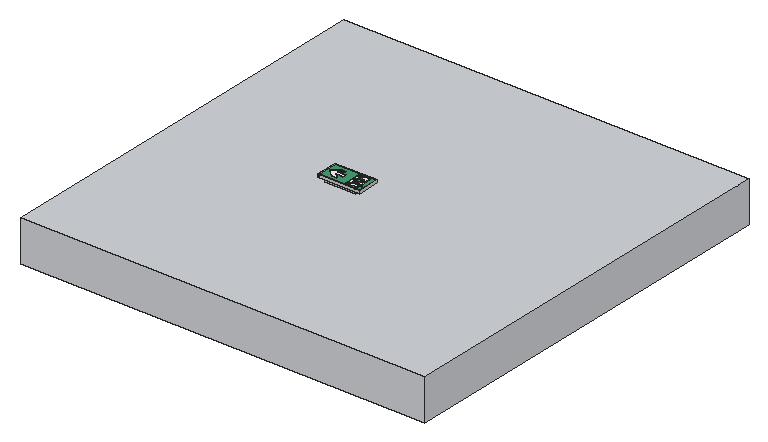
Revit family
Parameters (values of type "PURESIGN 150 AW NSI + RZ-L")
  Width = 310 mm  # constant formula
  Wattage Comments = ""
  Wattage = 0.302945 W
  built-in parameter 1150110 = 1 (stored number, unit not read)
  Voltage = 230 V
  URL = "http://www.zumtobel.com/42180930"
  Type Comments = "© Zumtobel. We reserve the right to make technical changes without prior notice."  # constant formula
  built-in parameter 1114217 = 1 (stored number, unit not read)
  Tilt Angle = 180.00°
  built-in parameter 1150109 = 1 (stored number, unit not read)
  built-in parameter 1150134 = 12
  built-in parameter 1150113 = 1 (stored number, unit not read)
  Photometric Web File = "D31337AA_NE1_NSI.IES"
  built-in parameter 1150105 = 16.03 (stored number, unit not read)
  Lumens = 45 lm
  built-in parameter 1150115 = 1 (stored number, unit not read)
  built-in parameter 1150137 = (empty or 0)
  built-in parameter 1150139 = (empty or 0)
  built-in parameter 1150112 = 1 (stored number, unit not read)
  built-in parameter 1150114 = 1 (stored number, unit not read)
  built-in parameter 1150132 = 2
  built-in parameter 1150102 = (empty or 0)
  built-in parameter 1150107 = 4000 (stored number, unit not read)
  built-in parameter 1150138 = (empty or 0)
  built-in parameter 1150106 = 0.1603 (stored number, unit not read)
  Height = 160 mm  # constant formula
  Escape Right = no
  Escape Left = yes
  Escape Bottom = no
  Emit from Rectangle Width = 155 mm
  Emit from Rectangle Length = 305 mm
  Emit Shape Visible in Rendering = no
  built-in parameter 1150104 = 13.8 (stored number, unit not read)
  ERI = no
  Dimming Lamp Color Temperature Shift = (empty or 0)
  Depth = 46.4 mm  # constant formula
  Model = "42180930+22168695"
  Manufacturer = "Zumtobel Lighting"  # constant formula
  Lamp = "LED"
  Description = if(ERI, "Escape sign + ERI LED luminaire wall mounted", "Escape sign LED luminaire wall mounted")  # "Escape sign LED luminaire wall mounted"
  Default Elevation = 0 mm
  Color Filter = 16777215
  Body = Zumtobel_Metal_Aluminium
  built-in parameter 1114218 = 1 (stored number, unit not read)
  built-in parameter 1150133 = 10 (stored number, unit not read)
  Assembly Code = "D5020200"
  Apparent Load = 5 VA
Types (12, lengths in mm): name | URL | Photometric Web File | Escape Right | Escape Left | Escape Bottom | ERI | Model | Description | Apparent Load
  PURESIGN 150 AW NT1 + RZ-U | "http://www.zumtobel.com/42180927" | "D31337AA_NE1_NT1.IES" | no | no | yes | no | "42180927+42180927" | "Escape sign LED luminaire wall mounted" | 4.5 VA
  PURESIGN 150 AW NT1 + RZ-R | "http://www.zumtobel.com/42180927" | "D31337AA_NE1_NT1.IES" | yes | no | no | no | "42180927+22168696" | "Escape sign LED luminaire wall mounted" | 4.5 VA
  PURESIGN 150 AW NT1 + RZ-L | "http://www.zumtobel.com/42180927" | "D31337AA_NE1_NT1.IES" | no | yes | no | no | "42180927+22168695" | "Escape sign LED luminaire wall mounted" | 4.5 VA
  PURESIGN 150 AW NSI + RZ-U | "http://www.zumtobel.com/42180930" | "D31337AA_NE1_NSI.IES" | no | no | yes | no | "42180930+22168697" | "Escape sign LED luminaire wall mounted" | 5 VA
  PURESIGN 150 AW NSI + RZ-R | "http://www.zumtobel.com/42180930" | "D31337AA_NE1_NSI.IES" | yes | no | no | no | "42180930+22168696" | "Escape sign LED luminaire wall mounted" | 5 VA
  PURESIGN 150 AW NSI + RZ-L | "http://www.zumtobel.com/42180930" | "D31337AA_NE1_NSI.IES" | no | yes | no | no | "42180930+22168695" | "Escape sign LED luminaire wall mounted" | 5 VA
  PURESIGN 150 AW NT1 + RZ-U ERI | "http://www.zumtobel.com/42180939" | "D31337AA_NE1_NT1.IES" | no | no | yes | yes | "42180939+22168703" | "Escape sign + ERI LED luminaire wall mounted" | 4.5 VA
  PURESIGN 150 AW NT1 + RZ-R ERI | "http://www.zumtobel.com/42180939" | "D31337AA_NE1_NT1.IES" | yes | no | no | yes | "42180939+22168702" | "Escape sign + ERI LED luminaire wall mounted" | 4.5 VA
  PURESIGN 150 AW NT1 + RZ-L ERI | "http://www.zumtobel.com/42180939" | "D31337AA_NE1_NT1.IES" | no | no | yes | yes | "42180939+22168701" | "Escape sign + ERI LED luminaire wall mounted" | 4.5 VA
  PURESIGN 150 AW NSI + RZ-U ERI | "http://www.zumtobel.com/42180941" | "D31337AA_NE1_NSI.IES" | no | no | yes | yes | "42180941+22168703" | "Escape sign + ERI LED luminaire wall mounted" | 5 VA
  PURESIGN 150 AW NSI + RZ-R ERI | "http://www.zumtobel.com/42180941" | "D31337AA_NE1_NSI.IES" | yes | no | no | yes | "42180941+22168702" | "Escape sign + ERI LED luminaire wall mounted" | 5 VA
  PURESIGN 150 AW NSI + RZ-L ERI | "http://www.zumtobel.com/42180941" | "D31337AA_NE1_NSI.IES" | no | yes | no | yes | "42180941+22168701" | "Escape sign + ERI LED luminaire wall mounted" | 5 VA
Reference planes
  plane 1 "Center (Front/Back)": y = 0
  plane 2 "Bottom": z = 0
  plane 3 "Back": y = 80
  plane 4 "Front": y = -80
  plane 5 "Center (Left/Right)": x = -735.5
  plane 6 "Light Source Axis": z = 46.4
  plane 7 "Left": x = -890.5
  plane 8 "Right": x = -580.5
  plane 9 "Sign Back": z = 28.9
  plane 10: z = 26.4
Forms (mm)
  Extrusion 1, solid
    sketch origin (123, 0, 0) x (1, 0, 0) y (0, 1, 0)
      loop
        line (-2085.5, 1500) -> (-2085.5, -1500) -> (914.5, -1500) -> (914.5, 1500) -> (-2085.5, 1500)
    from 0 to -304.8
  Extrusion 2, solid, material "Zumtobel_Metal_Aluminium" <- "Body"
    sketch origin (0, 0, 0) x (1, 0, 0) y (0, 1, 0)
      loop
        line (-890.5, 80) -> (-890.5, -80) -> (-580.5, -80) -> (-580.5, 80) -> (-890.5, 80)
      loop
        line (-888, 77.5) -> (-888, -77.5) -> (-583, -77.5) -> (-583, 77.5) -> (-888, 77.5)
    from 26.4 to 46.4
  Extrusion 3, solid, material "Zumtobel_Metal_Aluminium" <- "Body"
    sketch origin (0, 0, 0) x (1, 0, 0) y (0, 1, 0)
      loop
        line (-849, 65) -> (-849, -65) -> (-622, -65) -> (-622, 65) -> (-849, 65)
    from 0 to 26.4
  Extrusion 4, solid, material "Zumtobel_Escape_Sign_White_Self_Illumination", visible <- "Escape Left"
    sketch origin (-1500, 0, 28.9) x (-1, 0, 0) y (0, -1, 0)
      loop
        line (-846.147, 8.358) -> (-825.024, 48.998)
        arc (-825.024, 48.998) -> (-823.092, 50.985) -> (-820.418, 51.715) r 5.263
        line (-820.418, 51.715) -> (-810.206, 51.715) -> (-834.566, 1.797) -> (-826.751, -14.576) -> (-820.418, -6.019)
        arc (-820.418, -6.019) -> (-817.873, -3.601) -> (-814.656, -2.196) r 10.138
        line (-814.656, -2.196) -> (-798.454, -2.196) -> (-798.454, 56.336) -> (-807.119, 65) -> (-822.923, 65) -> (-812.089, 54.624) -> (-821.26, 54.624)
        arc (-821.26, 54.624) -> (-824.811, 55.513) -> (-827.868, 57.526) r 10.907
        line (-827.868, 57.526) -> (-835.875, 65) -> (-891.836, 65) -> (-883.172, 56.336) -> (-883.172, 37.738) -> (-897.548, 37.738) -> (-897.548, 34.942)
        arc (-897.548, 34.942) -> (-892.328, 26.126) -> (-883.172, 21.529) r 18.189
        line (-883.172, 21.529) -> (-883.172, -64.95) -> (-798.454, -64.95) -> (-798.454, -12.066) -> (-812.374, -12.066) -> (-821.214, -23.891)
        arc (-821.214, -23.891) -> (-825.923, -28.185) -> (-831.885, -30.435) r 16.93
        line (-831.885, -30.435) -> (-857.899, -30.435)
        arc (-857.899, -30.435) -> (-863.349, -29.54) -> (-867.426, -25.814) r 9.697
        line (-867.426, -25.814) -> (-875.527, -12.351)
        arc (-875.527, -12.351) -> (-873.968, -5.846) -> (-867.463, -7.405) r 4.73
        line (-867.463, -7.405) -> (-859.496, -20.395)
        arc (-859.496, -20.395) -> (-858.862, -21.083) -> (-858.013, -21.479) r 2.419
        line (-858.013, -21.479) -> (-847.916, -21.479) -> (-855.959, -5.22)
        arc (-855.959, -5.22) -> (-857.573, 0.108) -> (-858.355, 5.619) r 36.444
        line (-858.355, 5.619) -> (-859.382, 21.479)
        arc (-859.382, 21.479) -> (-860.084, 23.173) -> (-861.778, 23.875) r 2.396
        line (-861.778, 23.875) -> (-879.92, 23.875)
        arc (-879.92, 23.875) -> (-889.196, 26.945) -> (-894.809, 34.942) r 15.55
        line (-894.809, 34.942) -> (-853.734, 34.942)
        arc (-853.734, 34.942) -> (-849.902, 33.355) -> (-848.315, 29.523) r 5.42
        line (-848.315, 29.523) -> (-846.147, 8.358)
      loop
        line (-738.586, -13.805) -> (-684.336, -13.805) -> (-717.839, -45.047) -> (-683.201, -45.047) -> (-635.414, -0.484) -> (-683.201, 44.078) -> (-717.839, 44.078) -> (-684.336, 12.836) -> (-738.586, 12.836) -> (-738.586, -13.805)
      loop
        circle (-829.22, -42.605) r 10.133
    from 0 to 17.5
  Extrusion 5, solid, material "Zumtobel_Escape_Sign_Green_Self_Illumination", visible <- "Escape Left"
    sketch origin (-1500, 0, 28.9) x (-1, 0, 0) y (0, -1, 0)
      loop
        line (-846.147, 8.358) -> (-825.024, 48.998)
        arc (-825.024, 48.998) -> (-823.092, 50.985) -> (-820.418, 51.715) r 5.263
        line (-820.418, 51.715) -> (-810.206, 51.715) -> (-834.566, 1.797) -> (-826.751, -14.576) -> (-820.418, -6.019)
        arc (-820.418, -6.019) -> (-817.873, -3.601) -> (-814.656, -2.196) r 10.138
        line (-814.656, -2.196) -> (-798.454, -2.196) -> (-798.454, 56.336) -> (-807.119, 65) -> (-822.923, 65) -> (-812.089, 54.624) -> (-821.26, 54.624)
        arc (-821.26, 54.624) -> (-824.811, 55.513) -> (-827.868, 57.526) r 10.907
        line (-827.868, 57.526) -> (-835.875, 65) -> (-891.836, 65) -> (-883.172, 56.336) -> (-883.172, 37.738) -> (-897.548, 37.738) -> (-897.548, 34.942)
        arc (-897.548, 34.942) -> (-892.328, 26.126) -> (-883.172, 21.529) r 18.189
        line (-883.172, 21.529) -> (-883.172, -64.95) -> (-798.454, -64.95) -> (-798.454, -12.066) -> (-812.374, -12.066) -> (-821.214, -23.891)
        arc (-821.214, -23.891) -> (-825.923, -28.185) -> (-831.885, -30.435) r 16.93
        line (-831.885, -30.435) -> (-857.899, -30.435)
        arc (-857.899, -30.435) -> (-863.349, -29.54) -> (-867.426, -25.814) r 9.697
        line (-867.426, -25.814) -> (-875.527, -12.351)
        arc (-875.527, -12.351) -> (-873.968, -5.846) -> (-867.463, -7.405) r 4.73
        line (-867.463, -7.405) -> (-859.496, -20.395)
        arc (-859.496, -20.395) -> (-858.862, -21.083) -> (-858.013, -21.479) r 2.419
        line (-858.013, -21.479) -> (-847.916, -21.479) -> (-855.959, -5.22)
        arc (-855.959, -5.22) -> (-857.573, 0.108) -> (-858.355, 5.619) r 36.444
        line (-858.355, 5.619) -> (-859.382, 21.479)
        arc (-859.382, 21.479) -> (-860.084, 23.173) -> (-861.778, 23.875) r 2.396
        line (-861.778, 23.875) -> (-879.92, 23.875)
        arc (-879.92, 23.875) -> (-889.196, 26.945) -> (-894.809, 34.942) r 15.55
        line (-894.809, 34.942) -> (-853.734, 34.942)
        arc (-853.734, 34.942) -> (-849.902, 33.355) -> (-848.315, 29.523) r 5.42
        line (-848.315, 29.523) -> (-846.147, 8.358)
      loop
        line (-738.586, -13.805) -> (-684.336, -13.805) -> (-717.839, -45.047) -> (-683.201, -45.047) -> (-635.414, -0.484) -> (-683.201, 44.078) -> (-717.839, 44.078) -> (-684.336, 12.836) -> (-738.586, 12.836) -> (-738.586, -13.805)
      loop
        circle (-829.22, -42.605) r 10.133
      loop
        line (-917, -77.5) -> (-612, -77.5) -> (-612, 77.5) -> (-917, 77.5) -> (-917, -77.5)
    from 0 to 17.5
  Extrusion 6, solid, material "Zumtobel_Escape_Sign_Green_Self_Illumination", visible <- "Escape Right"
    sketch origin (-500, 0, 28.9) x (-1, 0, 0) y (0, -1, 0)
      loop
        line (317.147, 8.358) -> (319.315, 29.523)
        arc (319.315, 29.523) -> (320.902, 33.355) -> (324.734, 34.942) r 5.42
        line (324.734, 34.942) -> (365.809, 34.942)
        arc (365.809, 34.942) -> (360.196, 26.945) -> (350.92, 23.875) r 15.55
        line (350.92, 23.875) -> (332.778, 23.875)
        arc (332.778, 23.875) -> (331.084, 23.173) -> (330.382, 21.479) r 2.396
        line (330.382, 21.479) -> (329.355, 5.619)
        arc (329.355, 5.619) -> (328.573, 0.108) -> (326.959, -5.22) r 36.444
        line (326.959, -5.22) -> (318.916, -21.479) -> (329.013, -21.479)
        arc (329.013, -21.479) -> (329.862, -21.083) -> (330.496, -20.395) r 2.419
        line (330.496, -20.395) -> (338.463, -7.405)
        arc (338.463, -7.405) -> (344.968, -5.846) -> (346.527, -12.351) r 4.73
        line (346.527, -12.351) -> (338.426, -25.814)
        arc (338.426, -25.814) -> (334.349, -29.54) -> (328.899, -30.435) r 9.697
        line (328.899, -30.435) -> (302.885, -30.435)
        arc (302.885, -30.435) -> (296.923, -28.185) -> (292.214, -23.891) r 16.93
        line (292.214, -23.891) -> (283.374, -12.066) -> (269.454, -12.066) -> (269.454, -64.95) -> (354.172, -64.95) -> (354.172, 21.529)
        arc (354.172, 21.529) -> (363.328, 26.126) -> (368.548, 34.942) r 18.189
        line (368.548, 34.942) -> (368.548, 37.738) -> (354.172, 37.738) -> (354.172, 56.336) -> (362.836, 65) -> (306.875, 65) -> (298.868, 57.526)
        arc (298.868, 57.526) -> (295.811, 55.513) -> (292.26, 54.624) r 10.907
        line (292.26, 54.624) -> (283.089, 54.624) -> (293.923, 65) -> (278.119, 65) -> (269.454, 56.336) -> (269.454, -2.196) -> (285.656, -2.196)
        arc (285.656, -2.196) -> (288.873, -3.601) -> (291.418, -6.019) r 10.138
        line (291.418, -6.019) -> (297.75, -14.576) -> (305.566, 1.797) -> (281.206, 51.715) -> (291.418, 51.715)
        arc (291.418, 51.715) -> (294.092, 50.985) -> (296.024, 48.998) r 5.263
        line (296.024, 48.998) -> (317.147, 8.358)
      loop
        line (209.586, -13.805) -> (209.586, 12.836) -> (155.336, 12.836) -> (188.839, 44.078) -> (154.201, 44.078) -> (106.414, -0.484) -> (154.201, -45.047) -> (188.839, -45.047) -> (155.336, -13.805) -> (209.586, -13.805)
      loop
        circle (300.22, -42.605) r 10.133
      loop
        line (388, -77.5) -> (388, 77.5) -> (83, 77.5) -> (83, -77.5) -> (388, -77.5)
    from 0 to 17.5
  Extrusion 7, solid, material "Zumtobel_Escape_Sign_White_Self_Illumination", visible <- "Escape Right"
    sketch origin (-500, 0, 28.9) x (-1, 0, 0) y (0, -1, 0)
      loop
        line (317.147, 8.358) -> (319.315, 29.523)
        arc (319.315, 29.523) -> (320.902, 33.355) -> (324.734, 34.942) r 5.42
        line (324.734, 34.942) -> (365.809, 34.942)
        arc (365.809, 34.942) -> (360.196, 26.945) -> (350.92, 23.875) r 15.55
        line (350.92, 23.875) -> (332.778, 23.875)
        arc (332.778, 23.875) -> (331.084, 23.173) -> (330.382, 21.479) r 2.396
        line (330.382, 21.479) -> (329.355, 5.619)
        arc (329.355, 5.619) -> (328.573, 0.108) -> (326.959, -5.22) r 36.444
        line (326.959, -5.22) -> (318.916, -21.479) -> (329.013, -21.479)
        arc (329.013, -21.479) -> (329.862, -21.083) -> (330.496, -20.395) r 2.419
        line (330.496, -20.395) -> (338.463, -7.405)
        arc (338.463, -7.405) -> (344.968, -5.846) -> (346.527, -12.351) r 4.73
        line (346.527, -12.351) -> (338.426, -25.814)
        arc (338.426, -25.814) -> (334.349, -29.54) -> (328.899, -30.435) r 9.697
        line (328.899, -30.435) -> (302.885, -30.435)
        arc (302.885, -30.435) -> (296.923, -28.185) -> (292.214, -23.891) r 16.93
        line (292.214, -23.891) -> (283.374, -12.066) -> (269.454, -12.066) -> (269.454, -64.95) -> (354.172, -64.95) -> (354.172, 21.529)
        arc (354.172, 21.529) -> (363.328, 26.126) -> (368.548, 34.942) r 18.189
        line (368.548, 34.942) -> (368.548, 37.738) -> (354.172, 37.738) -> (354.172, 56.336) -> (362.836, 65) -> (306.875, 65) -> (298.868, 57.526)
        arc (298.868, 57.526) -> (295.811, 55.513) -> (292.26, 54.624) r 10.907
        line (292.26, 54.624) -> (283.089, 54.624) -> (293.923, 65) -> (278.119, 65) -> (269.454, 56.336) -> (269.454, -2.196) -> (285.656, -2.196)
        arc (285.656, -2.196) -> (288.873, -3.601) -> (291.418, -6.019) r 10.138
        line (291.418, -6.019) -> (297.75, -14.576) -> (305.566, 1.797) -> (281.206, 51.715) -> (291.418, 51.715)
        arc (291.418, 51.715) -> (294.092, 50.985) -> (296.024, 48.998) r 5.263
        line (296.024, 48.998) -> (317.147, 8.358)
      loop
        line (209.586, -13.805) -> (209.586, 12.836) -> (155.336, 12.836) -> (188.839, 44.078) -> (154.201, 44.078) -> (106.414, -0.484) -> (154.201, -45.047) -> (188.839, -45.047) -> (155.336, -13.805) -> (209.586, -13.805)
      loop
        circle (300.22, -42.605) r 10.133
    from 0 to 17.5
  Extrusion 8, solid, material "Zumtobel_Escape_Sign_Green_Self_Illumination", visible <- "Escape Bottom"
    sketch origin (0, 0, 28.9) x (-1, 0, 0) y (0, -1, 0)
      loop
        line (817.147, 8.358) -> (819.315, 29.523)
        arc (819.315, 29.523) -> (820.902, 33.355) -> (824.734, 34.942) r 5.42
        line (824.734, 34.942) -> (865.809, 34.942)
        arc (865.809, 34.942) -> (860.196, 26.945) -> (850.92, 23.875) r 15.55
        line (850.92, 23.875) -> (832.778, 23.875)
        arc (832.778, 23.875) -> (831.084, 23.173) -> (830.382, 21.479) r 2.396
        line (830.382, 21.479) -> (829.355, 5.619)
        arc (829.355, 5.619) -> (828.573, 0.108) -> (826.959, -5.22) r 36.444
        line (826.959, -5.22) -> (818.916, -21.479) -> (829.013, -21.479)
        arc (829.013, -21.479) -> (829.862, -21.083) -> (830.496, -20.395) r 2.419
        line (830.496, -20.395) -> (838.463, -7.405)
        arc (838.463, -7.405) -> (844.968, -5.846) -> (846.527, -12.351) r 4.73
        line (846.527, -12.351) -> (838.426, -25.814)
        arc (838.426, -25.814) -> (834.349, -29.54) -> (828.899, -30.435) r 9.697
        line (828.899, -30.435) -> (802.885, -30.435)
        arc (802.885, -30.435) -> (796.923, -28.185) -> (792.214, -23.891) r 16.93
        line (792.214, -23.891) -> (783.374, -12.066) -> (769.454, -12.066) -> (769.454, -64.95) -> (854.172, -64.95) -> (854.172, 21.529)
        arc (854.172, 21.529) -> (863.328, 26.126) -> (868.548, 34.942) r 18.189
        line (868.548, 34.942) -> (868.548, 37.738) -> (854.172, 37.738) -> (854.172, 56.336) -> (862.836, 65) -> (806.875, 65) -> (798.868, 57.526)
        arc (798.868, 57.526) -> (795.811, 55.513) -> (792.26, 54.624) r 10.907
        line (792.26, 54.624) -> (783.089, 54.624) -> (793.923, 65) -> (778.119, 65) -> (769.454, 56.336) -> (769.454, -2.196) -> (785.656, -2.196)
        arc (785.656, -2.196) -> (788.873, -3.601) -> (791.418, -6.019) r 10.138
        line (791.418, -6.019) -> (797.75, -14.576) -> (805.566, 1.797) -> (781.206, 51.715) -> (791.418, 51.715)
        arc (791.418, 51.715) -> (794.092, 50.985) -> (796.024, 48.998) r 5.263
        line (796.024, 48.998) -> (817.147, 8.358)
      loop
        line (645.164, -51.586) -> (671.805, -51.586) -> (671.805, 2.664) -> (703.047, -30.839) -> (703.047, 3.799) -> (658.484, 51.586) -> (613.922, 3.799) -> (613.922, -30.839) -> (645.164, 2.664) -> (645.164, -51.586)
      loop
        circle (800.22, -42.605) r 10.133
      loop
        line (888, -77.5) -> (888, 77.5) -> (583, 77.5) -> (583, -77.5) -> (888, -77.5)
    from 0 to 17.5
  Extrusion 9, solid, material "Zumtobel_Escape_Sign_White_Self_Illumination", visible <- "Escape Bottom"
    sketch origin (0, 0, 28.9) x (-1, 0, 0) y (0, -1, 0)
      loop
        line (817.147, 8.358) -> (819.315, 29.523)
        arc (819.315, 29.523) -> (820.902, 33.355) -> (824.734, 34.942) r 5.42
        line (824.734, 34.942) -> (865.809, 34.942)
        arc (865.809, 34.942) -> (860.196, 26.945) -> (850.92, 23.875) r 15.55
        line (850.92, 23.875) -> (832.778, 23.875)
        arc (832.778, 23.875) -> (831.084, 23.173) -> (830.382, 21.479) r 2.396
        line (830.382, 21.479) -> (829.355, 5.619)
        arc (829.355, 5.619) -> (828.573, 0.108) -> (826.959, -5.22) r 36.444
        line (826.959, -5.22) -> (818.916, -21.479) -> (829.013, -21.479)
        arc (829.013, -21.479) -> (829.862, -21.083) -> (830.496, -20.395) r 2.419
        line (830.496, -20.395) -> (838.463, -7.405)
        arc (838.463, -7.405) -> (844.968, -5.846) -> (846.527, -12.351) r 4.73
        line (846.527, -12.351) -> (838.426, -25.814)
        arc (838.426, -25.814) -> (834.349, -29.54) -> (828.899, -30.435) r 9.697
        line (828.899, -30.435) -> (802.885, -30.435)
        arc (802.885, -30.435) -> (796.923, -28.185) -> (792.214, -23.891) r 16.93
        line (792.214, -23.891) -> (783.374, -12.066) -> (769.454, -12.066) -> (769.454, -64.95) -> (854.172, -64.95) -> (854.172, 21.529)
        arc (854.172, 21.529) -> (863.328, 26.126) -> (868.548, 34.942) r 18.189
        line (868.548, 34.942) -> (868.548, 37.738) -> (854.172, 37.738) -> (854.172, 56.336) -> (862.836, 65) -> (806.875, 65) -> (798.868, 57.526)
        arc (798.868, 57.526) -> (795.811, 55.513) -> (792.26, 54.624) r 10.907
        line (792.26, 54.624) -> (783.089, 54.624) -> (793.923, 65) -> (778.119, 65) -> (769.454, 56.336) -> (769.454, -2.196) -> (785.656, -2.196)
        arc (785.656, -2.196) -> (788.873, -3.601) -> (791.418, -6.019) r 10.138
        line (791.418, -6.019) -> (797.75, -14.576) -> (805.566, 1.797) -> (781.206, 51.715) -> (791.418, 51.715)
        arc (791.418, 51.715) -> (794.092, 50.985) -> (796.024, 48.998) r 5.263
        line (796.024, 48.998) -> (817.147, 8.358)
      loop
        line (645.164, -51.586) -> (671.805, -51.586) -> (671.805, 2.664) -> (703.047, -30.839) -> (703.047, 3.799) -> (658.484, 51.586) -> (613.922, 3.799) -> (613.922, -30.839) -> (645.164, 2.664) -> (645.164, -51.586)
      loop
        circle (800.22, -42.605) r 10.133
    from 0 to 17.5
  Extrusion 10, solid, material "Zumtobel_Metal_Aluminium" <- "Body"
    sketch origin (0, 0, 28.9) x (-1, 0, 0) y (0, -1, 0)
      loop
        line (888, -77.5) -> (888, 77.5) -> (583, 77.5) -> (583, -77.5) -> (888, -77.5)
    from 0 to -2.5
  Extrusion 11, solid, material "Zumtobel_Escape_Sign_White_Self_Illumination", visible <- "ERI"
    sketch origin (-715.5, 0, -719.1) x (0, -1, 0) y (0, 0, -1)
      loop
        line (80, -748) -> (80, -763) -> (87, -763) -> (90, -760) -> (87, -760) -> (90, -757) -> (84.001, -757) -> (87.001, -754) -> (82.501, -754) -> (85.501, -751) -> (82.501, -751) -> (82.501, -748) -> (80, -748)
    from -7.5 to 7.5
  Extrusion 12, solid, material "Zumtobel_Escape_Sign_White_Self_Illumination", visible <- "ERI"
    sketch origin (-755.5, 0, 791.9) x (0, -1, 0) y (0, 0, 1)
      loop
        line (80, -748) -> (80, -763) -> (87, -763) -> (90, -760) -> (87, -760) -> (90, -757) -> (84.001, -757) -> (87.001, -754) -> (82.501, -754) -> (85.501, -751) -> (82.501, -751) -> (82.501, -748) -> (80, -748)
    from -7.5 to 7.5
Cuts and joins
  joined: Extrusion 2, Extrusion 10
Lines and regions (mm)
  symbolic lines, not visible, detail levels coarse
    curve 1: line (-735.5, 80, 0) -> (-735.5, -80, 0)
    curve 2: line (-735.5, 80, 0) -> (-735.5, -80, 0)
Dimensions and locks
  plane 6 "Light Source Axis" to plane 9 "Sign Back" to plane 10 to plane 2 "Bottom" = 17.5 mm locked, 2.5 mm locked, 26.4 mm locked
  aligned and locked: plane 2 "Bottom" to Extrusion 1
  aligned and locked: level to Extrusion 1
  aligned: cut or joined group of Extrusion 2, Extrusion 10 to plane 2 "Bottom"
  aligned and locked: cut or joined group of Extrusion 2, Extrusion 10 to plane 6 "Light Source Axis"
  aligned: plane 2 "Bottom" to Extrusion 3
  aligned and locked: imposter light to plane 6 "Light Source Axis"
  aligned and locked: cut or joined group of Extrusion 2, Extrusion 10 to plane 10
  aligned and locked: plane 10 to Extrusion 3
  aligned and locked: Extrusion 3 to plane 2 "Bottom"
Connectors
  electrical at (-735.5, 0, 0), driven by "Apparent Load", driven by "Voltage"
    settings: index 1
